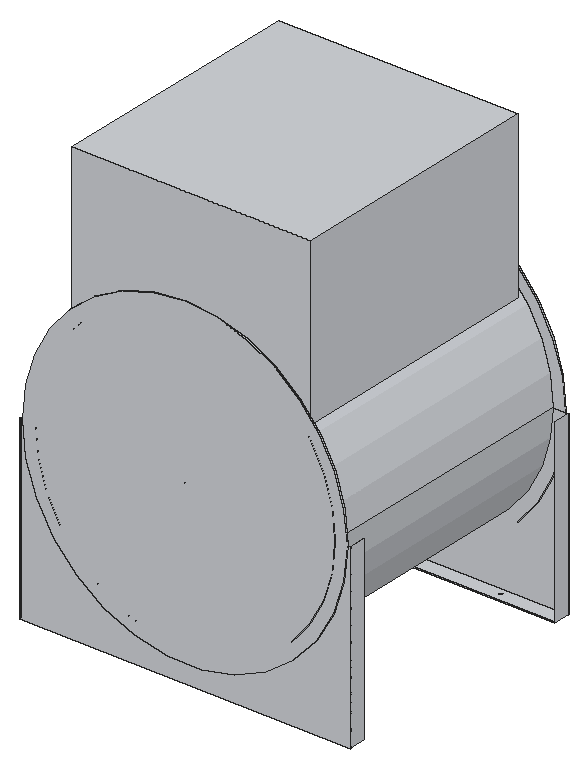
Revit family "AVAB_Horizontal_Floor_Mount", category Duct Fittings, Revit 2019
Family settings
  Round Connector Dimension = Use Radius
  Part Type = Elbow
  Work Plane-Based = No
  Always vertical = Yes
  Cut with Voids When Loaded = No
  Shared = No
Parameters (values of type "79_AVAB_HOR_FLOOR")
  Unit Weight [instance] = ""
  HalfP = P / 2  # 0.375"
  P = 0.750"
  OffsetI [instance] = if(InletCone, Cone_K, 0.000")  # 0.000"
  OffsetD [instance] = if(DischargeCone, Cone_K, 0.000")  # 0.000"
  N = 27.375"
  ModelID [instance] = ""
  HalfM = M / 2  # 43.500"
  M = 87.000"
  K = 2.250"
  HalfJ = J / 2  # 33.750"
  J = 67.500"
  La = L - (C / 2)  # 6.0625"
  L = 47.500"
  Intake [instance] = if(InletCone, Cone_F / 2, A / 2)  # 39.375"
  InnerFoot = J - (K * 2)  # 63.000"
  InletCone [instance] = no
  Ha = H - (A / 2)  # 27.875"
  Hb = H + L  # 114.750"
  H = 67.250"
  Sones [instance] = ""
  Motor RPM [instance] = ""
  Motor Enclosure [instance] = ""
  LwA [instance] = ""
  G = 192.000"
  FootWidth = K * 2  # 4.500"
  Fan RPM [instance] = ""
  HalfF = F / 2  # 0.34375"
  F = 0.6875"
  HalfE = E / 2  # 36.000"
  ELess2 = E - 2.000"  # 70.000"
  E = 72.000"
  Discharge [instance] = if(DischargeCone, Cone_F / 2, A / 2)  # 39.375"
  DischargeCone [instance] = no
  Cone_K = 29.653"
  Cone_H = 93.375"
  Cone_G = 0.179"
  Cone_F_Rad = Cone_F / 2  # 43.3125"
  Cone_F = 86.625"
  Cone_C_Rad = Cone_C / 2  # 39.375"
  Cone_C = 78.750"
  Ca = C / 2 + L  # 88.9375"
  HalfC = C / 2  # 41.4375"
  C = 82.875"
  HalfB = B / 2  # 42.78125"
  B = 85.5625"
  Accessories [instance] = ""
  AThird = A / 2.5  # 31.500"
  HalfA = A / 2  # 39.375"
  A = 78.750"
  60 = 60.00°  # constant formula
  30 = 30.00°  # constant formula
  Three = 3.000"  # constant formula
  Brake Hp [instance] = ""
  Four = 4.000"  # constant formula
  Twentyfour = 24.000"
  Two = 2.000"  # constant formula
  One = 1.000"  # constant formula
  Zero = 0.000"  # constant formula
  Voltage [instance] = 0 V
  URL = "www.lorencook.com"
  Type Comments = "Adjustable Pitch Vane Axial Horizontal Floor Mount Belt Drive Arrangement 9"  # constant formula
  Static Pressure [instance] = 0.00 in-wg
  Power [instance] = Voltage * Motor FLA * sqrt(if(Phase = 3, 3, 1))  # 0 VA
  Phase [instance] = 0
  Number of Poles [instance] = 1
  Motor Hp [instance] = "0"
  Motor FLA [instance] = 0 A
  Model = "AVAB"  # constant formula
  Manufacturer = "Loren Cook Company"
  CFM [instance] = 0 CFM
  Oneandahalf = 1.500"  # constant formula
  ONE EIGTH = 0.125"  # constant formula
  Ea = -E / 2  # -36.000"
  Eb = -(E - 0.250") / 2  # -35.875"
  Hc = (H - (A / 2)) / 2  # 13.9375"
  Ec = (E - 0.250") / 2  # 35.875"
  Ab = (A + 0.250") / 2  # 39.500"
Types (8): name | HalfP | P | N | HalfM | M | K | HalfJ | J | La | L | Intake | InnerFoot | Ha | Hb | H | G | FootWidth | HalfF | F | HalfE | ELess2 | E | Discharge | Cone_K | Cone_H | Cone_G | Cone_F_Rad | Cone_F | Cone_C_Rad | Cone_C | Ca | HalfC | C | HalfB | B | AThird | HalfA | A | Ea | Eb | Hc | Ec | Ab
  35_AVAB_HOR_FLOOR | 0.3125" | 0.625" | 12.000" | 20.500" | 41.000" | 1.625" | 19.875" | 39.750" | 4.000" | 23.000" | 17.750" | 36.500" | 17.375" | 58.125" | 35.125" | 144.000" | 3.250" | 0.28125" | 0.5625" | 21.500" | 41.000" | 43.000" | 17.750" | 14.688" | 43.875" | 0.135" | 19.6875" | 39.375" | 17.750" | 35.500" | 42.000" | 19.000" | 38.000" | 19.9375" | 39.875" | 14.200" | 17.750" | 35.500" | -21.500" | -21.375" | 8.6875" | 21.375" | 17.875"
  39_AVAB_HOR_FLOOR | 0.3125" | 0.625" | 13.375" | 22.500" | 45.000" | 1.750" | 19.750" | 39.500" | 5.0625" | 26.000" | 19.6875" | 36.000" | 17.4375" | 63.125" | 37.125" | 144.000" | 3.500" | 0.28125" | 0.5625" | 21.500" | 41.000" | 43.000" | 19.6875" | 18.000" | 49.625" | 0.135" | 22.0625" | 44.125" | 19.6875" | 39.375" | 46.9375" | 20.9375" | 41.875" | 21.96875" | 43.9375" | 15.750" | 19.6875" | 39.375" | -21.500" | -21.375" | 8.71875" | 21.375" | 19.8125"
  44_AVAB_HOR_FLOOR | 0.3125" | 0.625" | 15.375" | 25.500" | 51.000" | 1.750" | 21.750" | 43.500" | 4.8125" | 28.500" | 22.0625" | 40.000" | 20.5625" | 71.125" | 42.625" | 144.000" | 3.500" | 0.28125" | 0.5625" | 23.500" | 45.000" | 47.000" | 22.0625" | 19.500" | 54.750" | 0.135" | 24.625" | 49.250" | 22.0625" | 44.125" | 52.1875" | 23.6875" | 47.375" | 24.8125" | 49.625" | 17.650" | 22.0625" | 44.125" | -23.500" | -23.375" | 10.28125" | 23.375" | 22.1875"
  49_AVAB_HOR_FLOOR | 0.3125" | 0.625" | 17.000" | 28.000" | 56.000" | 1.750" | 21.750" | 43.500" | 5.250" | 31.500" | 24.625" | 40.000" | 18.9375" | 75.0625" | 43.5625" | 144.000" | 3.500" | 0.28125" | 0.5625" | 23.500" | 45.000" | 47.000" | 24.625" | 22.313" | 60.625" | 0.135" | 27.5625" | 55.125" | 24.625" | 49.250" | 57.750" | 26.250" | 52.500" | 27.375" | 54.750" | 19.700" | 24.625" | 49.250" | -23.500" | -23.375" | 9.46875" | 23.375" | 24.750"
  57_AVAB_HOR_FLOOR | 0.3125" | 0.625" | 21.000" | 34.000" | 68.000" | 1.750" | 28.750" | 57.500" | 3.0625" | 33.000" | 28.5625" | 54.000" | 16.0625" | 77.625" | 44.625" | 144.000" | 3.500" | 0.28125" | 0.5625" | 30.500" | 59.000" | 61.000" | 28.5625" | 29.938" | 70.500" | 0.135" | 32.500" | 65.000" | 28.5625" | 57.125" | 62.9375" | 29.9375" | 59.875" | 31.3125" | 62.625" | 22.850" | 28.5625" | 57.125" | -30.500" | -30.375" | 8.03125" | 30.375" | 28.6875"
  63_AVAB_HOR_FLOOR | 0.375" | 0.750" | 21.625" | 35.000" | 70.000" | 1.750" | 28.750" | 57.500" | 6.875" | 40.000" | 31.500" | 54.000" | 15.250" | 86.750" | 46.750" | 192.000" | 3.500" | 0.34375" | 0.6875" | 30.500" | 59.000" | 61.000" | 31.500" | 29.938" | 77.625" | 0.179" | 35.4375" | 70.875" | 31.500" | 63.000" | 73.125" | 33.125" | 66.250" | 34.250" | 68.500" | 25.200" | 31.500" | 63.000" | -30.500" | -30.375" | 7.625" | 30.375" | 31.625"
  71_AVAB_HOR_FLOOR | 0.375" | 0.750" | 24.375" | 39.250" | 78.500" | 2.250" | 33.750" | 67.500" | 6.500" | 44.000" | 35.4375" | 63.000" | 28.8125" | 108.250" | 64.250" | 192.000" | 4.500" | 0.34375" | 0.6875" | 36.000" | 70.000" | 72.000" | 35.4375" | 29.938" | 93.375" | 0.179" | 39.375" | 78.750" | 35.4375" | 70.875" | 81.500" | 37.500" | 75.000" | 38.8125" | 77.625" | 28.350" | 35.4375" | 70.875" | -36.000" | -35.875" | 14.40625" | 35.875" | 35.5625"
  79_AVAB_HOR_FLOOR | 0.375" | 0.750" | 27.375" | 43.500" | 87.000" | 2.250" | 33.750" | 67.500" | 6.0625" | 47.500" | 39.375" | 63.000" | 27.875" | 114.750" | 67.250" | 192.000" | 4.500" | 0.34375" | 0.6875" | 36.000" | 70.000" | 72.000" | 39.375" | 29.653" | 93.375" | 0.179" | 43.3125" | 86.625" | 39.375" | 78.750" | 88.9375" | 41.4375" | 82.875" | 42.78125" | 85.5625" | 31.500" | 39.375" | 78.750" | -36.000" | -35.875" | 13.9375" | 35.875" | 39.500"
Reference planes (in)
  plane 1 "Center (Front/Back)": y = -3.80746
  plane 2: z = 0
  plane 3 "Center (Left/Right)": x = 0.40541
  plane 4 "Inlet_Ring_1": y = 32.19254
  plane 5 "InletFoot": y = 27.69254
  plane 6: y = -39.80746
  plane 7: y = -35.30746
  plane 8 "DischargeRing1": y = -39.71796
  plane 9: y = -39.89696
  plane 10: y = -69.19196
  plane 11 "DischargeOuterRing2": y = -69.37096
  plane 12 "InletRinG1": y = 32.10304
  plane 13: y = 32.28204
  plane 14: y = 61.93504
  plane 15 "InletOuterRing2": y = 61.75604
  plane 16 "Discharge": y = -39.80746
  plane 17 "Intake": y = 32.19254
  plane 18: z = 47.5
Forms (in)
  Extrusion 1, solid
    sketch origin (0, -3.80746, 0) x (1, 0, 0) y (0, 0, 1)
      loop
        circle (0.40541, 47.5) r 42.78125
    from 36 <- "HalfE" to -36 <- "Ea"
  Extrusion 2, void
    sketch origin (0, -3.80746, 0) x (1, 0, 0) y (0, 0, 1)
      loop
        circle (0.40541, 47.5) r 42.78125
      loop
        circle (0.40541, 47.5) r 39.5
    from 35.875 <- "Ec" to -35.875 <- "Eb"
  Extrusion 3, solid
    sketch origin (0, -39.68246, 0) x (-1, 0, 0) y (0, 0, 1)
      loop
        line (31.09459, 71.33275) -> (31.09459, 114.75) -> (-31.90541, 114.75) -> (-31.90541, 71.33275)
        arc (-31.90541, 71.33275) -> (-0.40541, 87) -> (31.09459, 71.33275) r 39.5
    from 2 to 70 <- "ELess2"
  Extrusion 4, solid
    sketch origin (0, -39.80746, 0) x (1, 0, 0) y (0, 0, 1)
      loop
        line (-39.09459, 47.5) -> (-43.09459, 47.5) -> (-43.09459, 0) -> (43.90541, 0) -> (43.90541, 47.5) -> (39.90541, 47.5)
        arc (39.90541, 47.5) -> (0.40541, 8) -> (-39.09459, 47.5) r 39.5
    from -0.25 to -0.125
  Extrusion 5, solid
    sketch origin (0, 32.06754, 0) x (1, 0, 0) y (0, 0, 1)
      loop
        line (-39.09459, 47.5) -> (-43.09459, 47.5) -> (-43.09459, 0) -> (43.90541, 0) -> (43.90541, 47.5) -> (39.90541, 47.5)
        arc (39.90541, 47.5) -> (0.40541, 8) -> (-39.09459, 47.5) r 39.5
    from 0 to 0.125
  Extrusion 6, solid
    sketch origin (0, 32.06754, 0) x (-1, 0, 0) y (0, 0, 1)
      loop
        line (-43.90541, 47.5) -> (-43.90541, 0) -> (43.09459, 0) -> (43.09459, 47.5) -> (42.96959, 47.5) -> (42.96959, 0.125) -> (-43.78041, 0.125) -> (-43.78041, 47.5) -> (-43.90541, 47.5)
    from -0.125 to -4.375
  Extrusion 7, solid
    sketch origin (0, -39.68246, 0) x (1, 0, 0) y (0, 0, 1)
      loop
        line (-43.09459, 47.5) -> (-43.09459, 0) -> (43.90541, 0) -> (43.90541, 47.5) -> (43.78041, 47.5) -> (43.78041, 0.125) -> (-42.96959, 0.125) -> (-42.96959, 47.5) -> (-43.09459, 47.5)
    from -0.125 to -4.375
  Extrusion 8, void
    sketch origin (0, 0, 0) x (1, 0, 0) y (0, 1, 0)
      loop
        circle (-26.96959, 29.94254) r 0.375
      loop
        circle (27.78041, 29.94254) r 0.375
      loop
        circle (27.78041, -37.55746) r 0.375
      loop
        circle (-26.96959, -37.55746) r 0.375
    from 0 to 0.125
  Extrusion 9, solid, visible <- "InletCone"
    sketch origin (0, 32.19254, 0) x (0, 0, 1) y (1, 0, 0)
      loop
        circle (47.5, 0.40541) r 42.78125
      loop
        circle (47.5, 0.40541) r 39.5
    from -0.0895 to 0.0895
  Extrusion 10, solid, visible <- "DischargeCone"
    sketch origin (0, -39.71796, 0) x (0, 0, 1) y (1, 0, 0)
      loop
        circle (47.5, 0.40541) r 42.78125
      loop
        circle (47.5, 0.40541) r 39.5
    from -0.179 to 0
  Extrusion 11, solid, visible <- "InletCone"
    sketch origin (0, 61.75604, 0) x (0, 0, 1) y (1, 0, 0)
      loop
        circle (47.5, 0.40541) r 46.6875
      loop
        circle (47.5, 0.40541) r 43.3125
    from 0.179 to 0
  Extrusion 12, solid, visible <- "DischargeCone"
    sketch origin (0, -69.37096, 0) x (0, 0, 1) y (1, 0, 0)
      loop
        circle (47.5, 0.40541) r 46.6875
      loop
        circle (47.5, 0.40541) r 43.3125
    from 0 to 0.179
  Revolve 13, solid, visible <- "InletCone"
    sketch origin (0.40541, 0, 0) x (0, 1, 0) y (0, 0, 1)
      loop
        line (32.10304, 87.05557) -> (32.10304, 86.875) -> (61.75604, 90.8125) -> (61.75604, 90.99307) -> (32.10304, 87.05557)
      axis (32.10304, 47.5) -> (61.75604, 47.5)
    angle from 0 to 360
  Revolve 14, solid, visible <- "DischargeCone"
    sketch origin (0.40541, 0, 0) x (0, 1, 0) y (0, 0, 1)
      loop
        line (-69.37096, 90.99307) -> (-69.37096, 90.8125) -> (-39.71796, 86.875) -> (-39.71796, 87.05557) -> (-69.37096, 90.99307)
      axis (-69.37096, 47.5) -> (-39.71796, 47.5)
    angle from 0 to 360
  Extrusion 15, solid
    sketch origin (0, -39.80746, 0) x (0, 0, 1) y (1, 0, 0)
      loop
        circle (47.5, 0.40541) r 0.015
    from 0 to 0.125
  Extrusion 16, solid
    sketch origin (0, 32.19254, 0) x (0, 0, 1) y (1, 0, 0)
      loop
        circle (47.5, 0.40541) r 0.015
    from 0 to 0.125
Cuts and joins
  Extrusion 2 cuts Extrusion 1
  Extrusion 8 cuts Extrusion 6
  Extrusion 8 cuts Extrusion 7
Dimensions and locks (in)
  "Zero": Extrusion 1 sketch curve to plane 3 "Center (Left/Right)"
  "L": Extrusion 1 sketch curve to level
  "Zero": Extrusion 2 sketch curve to plane 3 "Center (Left/Right)"  (x2)
  "L": Extrusion 2 sketch curve to level  (x2)
  "Zero": Extrusion 3 sketch curve to plane 3 "Center (Left/Right)"
  "L": Extrusion 3 sketch curve to level
  "Hb": Extrusion 3 sketch curve to level
  "AThird": plane 3 "Center (Left/Right)" to Extrusion 3 sketch curve  (x2)
  "L": Extrusion 4 sketch curve to level  (x4)
  "Zero": Extrusion 4 sketch curve to plane 3 "Center (Left/Right)"
  "HalfM": Extrusion 4 sketch curve to plane 3 "Center (Left/Right)"  (x2)
  "L": level to Extrusion 5 sketch curve
  "Zero": Extrusion 5 sketch curve to plane 3 "Center (Left/Right)"
  "Zero": Extrusion 5 sketch curve to level
  "Zero": Extrusion 5 sketch curve to Extrusion 4  (x3)
  "Zero": level to Extrusion 6 sketch curve
  "ONE EIGTH": level to Extrusion 6 sketch curve
  "ONE EIGTH": Extrusion 6 sketch curve to Extrusion 6 sketch curve  (x2)
  "Zero": Extrusion 6 sketch curve to Extrusion 5
  "Zero": Extrusion 5 to Extrusion 6 sketch curve  (x2)
  "ONE EIGTH": Extrusion 7 sketch curve to Extrusion 7 sketch curve  (x2)
  "ONE EIGTH": Extrusion 7 sketch curve to level
  "Zero": Extrusion 7 sketch curve to level
  "Zero": Extrusion 7 sketch curve to Extrusion 4  (x2)
  "Zero": Extrusion 4 to Extrusion 7 sketch curve
  "HalfM": Extrusion 6 sketch curve to plane 3 "Center (Left/Right)"
  "HalfJ": plane 1 "Center (Front/Back)" to Extrusion 8 sketch curve  (x4)
  "N": Extrusion 8 sketch curve to plane 3 "Center (Left/Right)"  (x4)
  "Zero": Extrusion 4 sketch curve to level
  "L": Extrusion 7 sketch curve to level
  "FootWidth": plane 5 "InletFoot" to plane 4 "Inlet_Ring_1"
  "FootWidth": plane 6 to plane 7
  "Cone_G": plane 9 to plane 8 "DischargeRing1"
  "Cone_G": plane 11 "DischargeOuterRing2" to plane 10
  "Cone_K": plane 11 "DischargeOuterRing2" to plane 8 "DischargeRing1"
  equal spacing: plane 8 "DischargeRing1", plane 1 "Center (Front/Back)", plane 12 "InletRinG1"
  "Cone_G": plane 12 "InletRinG1" to plane 13
  "Cone_G": plane 15 "InletOuterRing2" to plane 14
  "Cone_K": plane 12 "InletRinG1" to plane 15 "InletOuterRing2"
  "L": Extrusion 11 sketch curve to level  (x2)
  "L": Extrusion 12 sketch curve to level  (x2)
  "L": level to Revolve 13 sketch curve
  "Cone_F_Rad": Revolve 13 sketch curve to Revolve 13 sketch curve
  "Cone_C_Rad": Revolve 13 sketch curve to Revolve 13 sketch curve
  "Cone_G": Revolve 13 sketch curve to Revolve 13 sketch curve
  "L": level to Revolve 14 sketch curve
  "Cone_G": Revolve 14 sketch curve to Revolve 14 sketch curve
  "Cone_C_Rad": Revolve 14 sketch curve to Revolve 14 sketch curve
  "Cone_F_Rad": Revolve 14 sketch curve to Revolve 14 sketch curve
  "E": plane 8 "DischargeRing1" to plane 13
  "L": plane 18 to level
  "OffsetD": plane 16 "Discharge" to plane 6
  "OffsetI": plane 4 "Inlet_Ring_1" to plane 17 "Intake"
  equal spacing: plane 7, plane 1 "Center (Front/Back)", plane 5 "InletFoot"
  "InnerFoot": plane 7 to plane 5 "InletFoot"
  "HalfB": radius of Extrusion 1 sketch curve
  "Ab": radius of Extrusion 2 sketch curve
  "HalfB": radius of Extrusion 2 sketch curve
  "Ab": radius of Extrusion 3 sketch curve
  "Ab": radius of Extrusion 4 sketch curve
  "Ab": radius of Extrusion 5 sketch curve
  "HalfP": radius of Extrusion 8 sketch curve  (x4)
  "Cone_H": diameter of Extrusion 11 sketch curve
  "Cone_F": diameter of Extrusion 11 sketch curve
  "Cone_H": diameter of Extrusion 12 sketch curve
  "Cone_F": diameter of Extrusion 12 sketch curve
  diameter of Extrusion 15 sketch curve = 0.030"
  diameter of Extrusion 16 sketch curve = 0.030"
  aligned and locked: cut or joined group of Extrusion 6, Extrusion 8 to plane 5 "InletFoot"
  aligned and locked: Extrusion 9 sketch curve to cut or joined group of Extrusion 1, Extrusion 2  (x3)
  aligned and locked: Extrusion 9 sketch curve to Extrusion 4
  aligned and locked: plane 13 to Extrusion 9
  aligned and locked: Extrusion 9 to plane 12 "InletRinG1"
  aligned and locked: Extrusion 10 sketch curve to cut or joined group of Extrusion 1, Extrusion 2  (x3)
  aligned and locked: Extrusion 10 sketch curve to Extrusion 4
  aligned and locked: Extrusion 10 to plane 9
  aligned and locked: plane 8 "DischargeRing1" to Extrusion 10
  aligned and locked: plane 3 "Center (Left/Right)" to Extrusion 11 sketch curve
  aligned and locked: Extrusion 11 to plane 14
  aligned and locked: plane 15 "InletOuterRing2" to Extrusion 11
  aligned and locked: plane 3 "Center (Left/Right)" to Extrusion 12 sketch curve  (x2)
  aligned and locked: plane 10 to Extrusion 12
  aligned and locked: Extrusion 12 to plane 11 "DischargeOuterRing2"
  aligned and locked: Extrusion 9 to Revolve 13 sketch curve
  aligned and locked: Revolve 13 sketch curve to Extrusion 11
  aligned and locked: Revolve 14 sketch curve to plane 11 "DischargeOuterRing2"
  aligned and locked: Revolve 14 sketch curve to plane 8 "DischargeRing1"
  aligned and locked: plane 3 "Center (Left/Right)" to Extrusion 15 sketch curve
  aligned and locked: plane 18 to Extrusion 15 sketch curve
  aligned and locked: plane 18 to Extrusion 16 sketch curve
  aligned and locked: plane 3 "Center (Left/Right)" to Extrusion 16 sketch curve
  aligned and locked: plane 7 to Extrusion 7
Automatic sketch dimensions
  Extrusion 3 sketch curve to Extrusion 3 sketch curve = 0.000"
  Extrusion 11 sketch curve to Extrusion 11 sketch curve = 0.000"
  Revolve 13 sketch curve to plane 9 = 2.4926"
  plane 13 to Revolve 13 sketch curve = 0.95488"
  Revolve 14 sketch curve to plane 9 = 0.38564"
  plane 1 "Center (Front/Back)" to Revolve 14 sketch curve = 2.14571"
Connectors (in)
  electrical at (31.90541, -3.68246, 93.04138)
    settings: on Extrusion 3, index 1, voltage 0 V, apparent load 0 VA, apparent load phase1 0 VA, apparent load phase2 0 VA, apparent load phase3 0 VA, power factor 1, load classification "Other", number of poles 1, system type 30, power factor state 1, is connector primary yes, connector utility no, sub classification motor no, connector description ""
  hvac at (0.40541, -39.80746, 47.5), driven by "Discharge"
    settings: on Extrusion 15, index 4, duct flow 0 CFM, flow factor 0, pres drop 0.00 in-wg, loss coef 0, conn angle 0.00°, conn width 12", conn height 12", conn diameter 78 3/4", duct sys type 1, conn prof type 0, flow config 0, flow direction 0, loss method 0, conn ref index -1, conn util no, is conn primary yes, conn desc ""
  hvac at (0.40541, -39.80746, 47.5), driven by "Discharge"
    settings: on Extrusion 15, index 5, duct flow 0 CFM, flow factor 0, pres drop 0.00 in-wg, loss coef 0, conn angle 0.00°, conn width 12", conn height 12", conn diameter 78 3/4", duct sys type 29, conn prof type 0, flow config 0, flow direction 2, loss method 0, conn ref index -1, conn util no, is conn primary no, conn desc ""
  hvac at (0.40541, 32.19254, 47.5), driven by "Intake"
    settings: on Extrusion 16, index 7, duct flow 0 CFM, flow factor 0, pres drop 0.00 in-wg, loss coef 0, conn angle 0.00°, conn width 12", conn height 12", conn diameter 78 3/4", duct sys type 29, conn prof type 0, flow config 0, flow direction 1, loss method 0, conn ref index -1, conn util no, is conn primary no, conn desc ""
